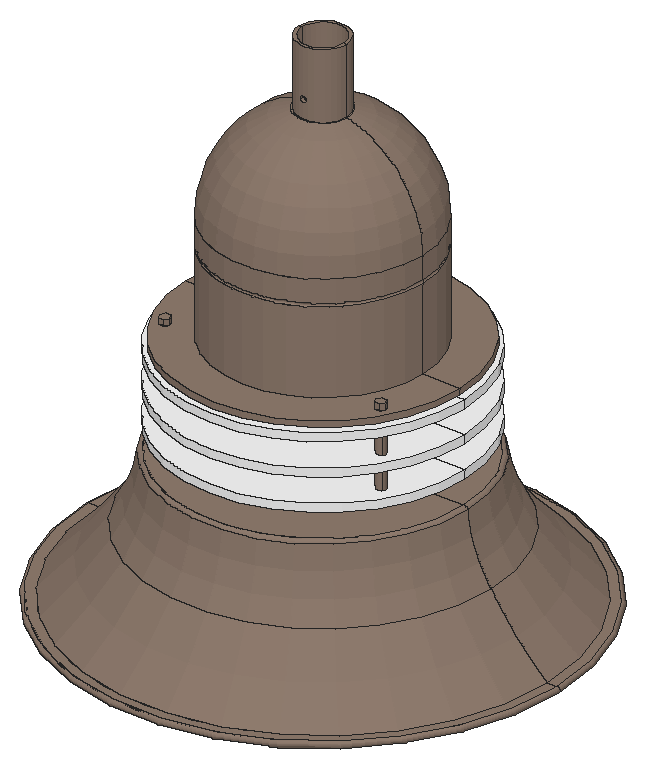
Revit family "BVF2006", category Generic Models, Revit 2014
Parameters
  GLASS = none
  FINS = Acrylic
  DETAIL 2 = Bronze, Architectural
  DETAIL = Bronze, Architectural
  BELL = Bronze, Architectural
Reference planes (in)
  plane 1 "Center (Front/Back)": y = 0
  plane 2: z = 0
  plane 3 "Center (Left/Right)": x = 0
Forms (in)
  Revolve 1, solid, material "Bronze, Architectural" <- "BELL"
    sketch origin (0, 0, -1.50996) x (1, 0, 0) y (0, 0, 1)
      loop
        line (-0.69, 20.24004) -> (-1.0625, 20.24004)
        arc (-1.0625, 20.24004) -> (-3.35992, 18.72758) -> (-4.25, 16.125) r 4.25
        line (-4.25, 16.125) -> (-4.25, 15.1875)
        arc (-4.25, 15.1875) -> (-4.21143, 15.125) -> (-4.25, 15.0625) r 0.06992
        line (-4.25, 15.0625) -> (-4.25, 11.625) -> (-5.8125, 11.625) -> (-5.8125, 11.375) -> (-4.125, 11.375) -> (-4.125, 15.0086)
        arc (-4.125, 15.0086) -> (-4.08643, 15.125) -> (-4.125, 15.2414) r 0.19492
        line (-4.125, 15.2414) -> (-4.125, 16.125)
        arc (-4.125, 16.125) -> (-3.26592, 18.6448) -> (-1.0465, 20.11504) r 4.125
        line (-1.0465, 20.11504) -> (-0.69, 20.11504) -> (-0.69, 20.24004)
      axis (0, 20.24004) -> (0, 11.375)
    angle from 0 to 360
  Revolve 2, solid, material "Bronze, Architectural" <- "BELL"
    sketch origin (0, 0, -1.50996) x (1, 0, 0) y (0, 0, 1)
      loop
        line (-4.02812, 7.25) -> (-5.96994, 7.25)
        arc (-5.96994, 7.25) -> (-6.07735, 7.21619) -> (-6.14602, 7.12694) r 0.1875
        arc (-6.14602, 7.12694) -> (-6.46299, 5.74091) -> (-7.11563, 4.47774) r 5.65554
        arc (-7.11563, 4.47774) -> (-8.22819, 3.04875) -> (-9.50022, 1.75967) r 15.45956
        line (-9.50022, 1.75967) -> (-9.9012, 1.75967)
        arc (-9.9012, 1.75967) -> (-10.0262, 1.63467) -> (-9.9012, 1.50967) r 0.125
        line (-9.9012, 1.50967) -> (-9.59361, 1.50967)
        arc (-9.59361, 1.50967) -> (-8.21262, 2.87763) -> (-7.01267, 4.40686) r 15.58456
        arc (-7.01267, 4.40686) -> (-6.3491, 5.68843) -> (-6.02366, 7.09444) r 5.78054
        arc (-6.02366, 7.09444) -> (-6.00084, 7.11683) -> (-5.96994, 7.125) r 0.0625
        line (-5.96994, 7.125) -> (-3.90312, 7.125) -> (-3.90312, 11.625) -> (-4.125, 11.625) -> (-4.125, 11.375) -> (-4.02812, 11.375) -> (-4.02812, 7.25)
      axis (0, 11.625) -> (0, 1.50967)
    angle from 0 to 360
  Revolve 3, solid, material "Acrylic" <- "FINS"
    sketch origin (0, 0, -1.50996) x (1, 0, 0) y (0, 0, 1)
      loop
        line (-6, 11.28125) -> (-6, 10.9375) -> (-4.02812, 10.9375) -> (-4.02812, 11.28125) -> (-6, 11.28125)
      loop
        line (-6, 9.9375) -> (-6, 9.59375) -> (-4.02812, 9.59375) -> (-4.02812, 9.9375) -> (-6, 9.9375)
      loop
        line (-6, 8.59375) -> (-6, 8.25) -> (-4.02812, 8.25) -> (-4.02812, 8.59375) -> (-6, 8.59375)
      axis (0, 11.28125) -> (0, 8.25)
    angle from 0 to 360
  Revolve 4, solid, material "Bronze, Architectural" <- "DETAIL"
    sketch origin (0, 0, -1.50996) x (0.866025, 0.5, 0) y (0, 0, 1)
      loop
        line (-5.28051, 11.625) -> (-5.46801, 11.625) -> (-5.46801, 8.25) -> (-5.28051, 8.25) -> (-5.28051, 11.625)
      axis (-5.28051, 11.625) -> (-5.28051, 8.25)
    angle from 0 to 360
  Extrusion 5, solid, material "Bronze, Architectural" <- "DETAIL 2"
    sketch origin (0, 0, -1.50996) x (0.866025, 0.5, 0) y (-0.5, 0.866025, 0)
      loop
        line (-5.09301, 0.10825) -> (-5.28051, 0.21651) -> (-5.46801, 0.10825) -> (-5.46801, -0.10825) -> (-5.28051, -0.21651) -> (-5.09301, -0.10825) -> (-5.09301, 0.10825)
    from 11.625 to 11.875
  Extrusion 6, solid, material "Bronze, Architectural" <- "DETAIL 2"
    sketch origin (0, 0, -1.50996) x (0.866025, 0.5, 0) y (-0.5, 0.866025, 0)
      loop
        line (-5.09301, 0.10825) -> (-5.28051, 0.21651) -> (-5.46801, 0.10825) -> (-5.46801, -0.10825) -> (-5.28051, -0.21651) -> (-5.09301, -0.10825) -> (-5.09301, 0.10825)
    from 8.01314 to 8.25
  Revolve 7, solid, material "Bronze, Architectural" <- "DETAIL"
    sketch origin (0, 0, -1.50996) x (0, -1, 0) y (0, 0, 1)
      loop
        line (-5.28051, 11.625) -> (-5.46801, 11.625) -> (-5.46801, 8.25) -> (-5.28051, 8.25) -> (-5.28051, 11.625)
      axis (-5.28051, 11.625) -> (-5.28051, 8.25)
    angle from 0 to 360
  Extrusion 8, solid, material "Bronze, Architectural" <- "DETAIL 2"
    sketch origin (0, 0, -1.50996) x (0, -1, 0) y (1, 0, 0)
      loop
        line (-5.09301, 0.10825) -> (-5.28051, 0.21651) -> (-5.46801, 0.10825) -> (-5.46801, -0.10825) -> (-5.28051, -0.21651) -> (-5.09301, -0.10825) -> (-5.09301, 0.10825)
    from 11.625 to 11.875
  Extrusion 9, solid, material "Bronze, Architectural" <- "DETAIL 2"
    sketch origin (0, 0, -1.50996) x (0, -1, 0) y (1, 0, 0)
      loop
        line (-5.09301, 0.10825) -> (-5.28051, 0.21651) -> (-5.46801, 0.10825) -> (-5.46801, -0.10825) -> (-5.28051, -0.21651) -> (-5.09301, -0.10825) -> (-5.09301, 0.10825)
    from 8.01314 to 8.25
  Revolve 10, solid, material "Bronze, Architectural" <- "DETAIL"
    sketch origin (0, 0, -1.50996) x (-0.866025, 0.5, 0) y (0, 0, 1)
      loop
        line (-5.28051, 11.625) -> (-5.46801, 11.625) -> (-5.46801, 8.25) -> (-5.28051, 8.25) -> (-5.28051, 11.625)
      axis (-5.28051, 11.625) -> (-5.28051, 8.25)
    angle from 0 to 360
  Extrusion 11, solid, material "Bronze, Architectural" <- "DETAIL 2"
    sketch origin (0, 0, -1.50996) x (-0.866025, 0.5, 0) y (-0.5, -0.866025, 0)
      loop
        line (-5.09301, 0.10825) -> (-5.28051, 0.21651) -> (-5.46801, 0.10825) -> (-5.46801, -0.10825) -> (-5.28051, -0.21651) -> (-5.09301, -0.10825) -> (-5.09301, 0.10825)
    from 11.625 to 11.875
  Extrusion 12, solid, material "Bronze, Architectural" <- "DETAIL 2"
    sketch origin (0, 0, -1.50996) x (-0.866025, 0.5, 0) y (-0.5, -0.866025, 0)
      loop
        line (-5.09301, 0.10825) -> (-5.28051, 0.21651) -> (-5.46801, 0.10825) -> (-5.46801, -0.10825) -> (-5.28051, -0.21651) -> (-5.09301, -0.10825) -> (-5.09301, 0.10825)
    from 8.01314 to 8.25
  Revolve 13, solid, material "Bronze, Architectural" <- "BELL"
    sketch origin (0, 0, -1.50996) x (1, 0, 0) y (0, 0, 1)
      loop
        line (-1, 22.99004) -> (-1, 20.24004) -> (-0.875, 20.24004) -> (-0.875, 22.99004) -> (-1, 22.99004)
      axis (0, 22.99004) -> (0, 20.24004)
    angle from 0 to 360
  Extrusion 14, void
    sketch origin (0, 0, -1.50996) x (1, 0, 0) y (0, 0, 1)
      loop
        circle (0, 20.99004) r 0.12446
    from -1.03363 to 1.03523
Cuts and joins
  Extrusion 14 cuts Revolve 13
Lines and regions (in)
  model lines
    curve 1: line (-5.09301, 0, 9.42754) -> (-5.46801, 0, 9.42754)
Dimensions and locks (in)
  aligned and locked: plane 2 to level
